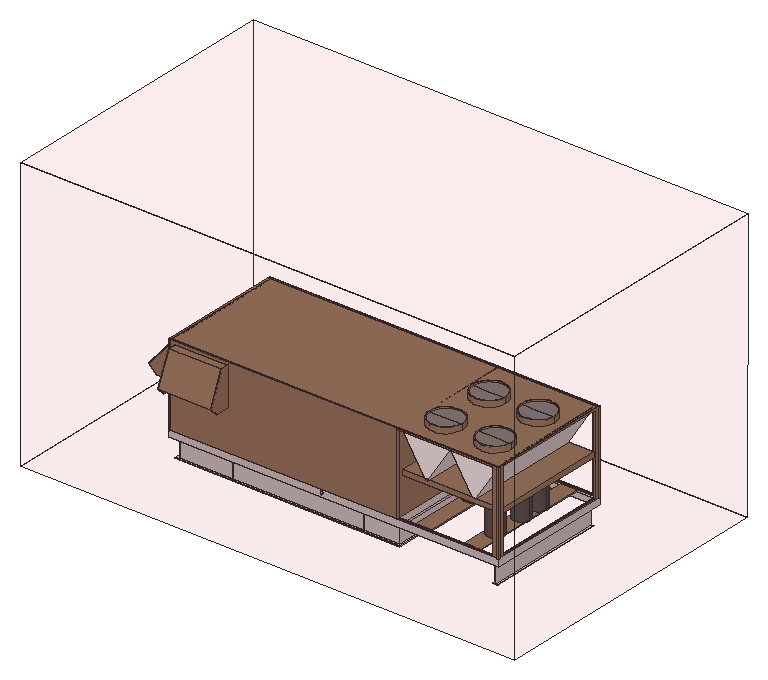
Revit family (continued)
Definition of nested family "Commercial_Comfort_Systems-Series_40-JCI-Unit_Cabinet-End_Return_Bottom_Supply-Steam_Heating"
  Forms (in)
    Extrusion 14, void
      sketch origin (0, 0, 0) x (1, 0, 0) y (0, 1, 0)
        loop
          circle (41.63781, -37.62) r 1
      from 0 to 4.625
  Cuts and joins
    Extrusion 10, Revolve 11, Revolve 13, Extrusion 14 cuts Extrusion 6
  Lines and regions (in)
    Masking region 1
      outline origin (0, 0, 0) x (1, 0, 0) y (0, 1, 0)
        loop
          line (-119.99969, 46) -> (-119.99969, -46) -> (120.00031, -46) -> (120.00031, 46) -> (-119.99969, 46)
    Masking region 2, detail levels medium+fine
      outline origin (0, -45, 0) x (-1, 0, 0) y (0, 0, 1)
        loop
          line (119.99969, 64) -> (-120.00031, 64) -> (-120.00031, 0) -> (119.99969, 0) -> (119.99969, 64)
        loop
          line (-46.18781, 4.625) -> (-46.18781, 63.5) -> (-115.50031, 63.5) -> (-115.50031, 4.625) -> (-46.18781, 4.625)
    Masking region 3, detail levels medium+fine
      outline origin (120.00031, 0, 0) x (0, -1, 0) y (0, 0, 1)
        loop
          line (42, 63.5) -> (-42, 63.5) -> (-42, 5.125) -> (42, 5.125) -> (42, 63.5)
        loop
          line (46, 64) -> (-46, 64) -> (-46, 0) -> (46, 0) -> (46, 64)
    Masking region 4
      outline origin (0.00031, 0, 0) x (0, 1, 0) y (0, 0, 1)
        loop
          line (46, 64) -> (-46, 64) -> (-46, 0) -> (46, 0) -> (46, 64)
    Masking region 5, detail levels coarse
      outline origin (0, 0, 0) x (1, 0, 0) y (0, 0, 1)
        loop
          line (-119.99969, 64) -> (-119.99969, 0) -> (120.00031, 0) -> (120.00031, 64) -> (-119.99969, 64)
    Masking region 6
      outline origin (0, 45, 0) x (-1, 0, 0) y (0, 0, 1)
        loop
          line (-120.00031, 64) -> (-120.00031, 0) -> (119.99969, 0) -> (119.99969, 64) -> (-120.00031, 64)
        loop
          line (-115.50031, 63.5) -> (-115.50031, 5.125) -> (-46.18781, 5.125) -> (-46.18781, 63.5) -> (-115.50031, 63.5)
    Masking region 7, detail levels medium+fine
      outline origin (-119.99969, 0, 0) x (0, -1, 0) y (0, 0, 1)
        loop
          line (-46, 64) -> (-46, 0) -> (46, 0) -> (46, 64) -> (-46, 64)
        loop
          line (-39.5, 62) -> (-39.5, 33.89844) -> (39.5, 33.89844) -> (39.5, 62) -> (-39.5, 62)
    Masking region 8
      outline origin (-119.99969, 0, 0) x (0, -1, 0) y (0, 0, 1)
        loop
          line (-38.1875, 31.14844) -> (-38.1875, 6.25) -> (38.1875, 6.25) -> (38.1875, 31.14844) -> (-38.1875, 31.14844)
    model lines, style "Frame Unit", detail levels coarse
      curve 1: line (-119.99969, 46, 4.625) -> (120.00031, 46, 4.625)
      curve 2: line (120.00031, 46, 4.625) -> (120.00031, -46, 4.625)
      curve 3: line (120.00031, -46, 4.625) -> (-119.99969, -46, 4.625)
      curve 4: line (-119.99969, 46, 4.625) -> (-119.99969, -46, 4.625)
      curve 5: line (-119.99969, 46, 64) -> (120.00031, 46, 64)
      curve 6: line (-119.99969, 46, 64) -> (-119.99969, -46, 64)
      curve 7: line (-119.99969, -46, 64) -> (120.00031, -46, 64)
      curve 8: line (120.00031, 46, 64) -> (120.00031, -46, 64)
      curve 9: line (-119.99969, 46, 64) -> (-119.99969, 46, 0)
      curve 10: line (120.00031, 46, 64) -> (120.00031, 46, 0)
      curve 11: line (-119.99969, -46, 64) -> (-119.99969, -46, 0)
      curve 12: line (120.00031, -46, 64) -> (120.00031, -46, 0)
      curve 13: line (46.18781, -46, 63.5) -> (115.50031, -46, 63.5)
      curve 14: line (46.18781, -46, 63.5) -> (46.18781, -46, 5.125)
      curve 15: line (46.18781, -46, 5.125) -> (115.50031, -46, 5.125)
      curve 16: line (115.50031, -46, 63.5) -> (115.50031, -46, 5.125)
      curve 17: line (46.18781, 46, 63.5) -> (115.50031, 46, 63.5)
      curve 18: line (115.50031, 46, 63.5) -> (115.50031, 46, 5.125)
      curve 19: line (115.50031, 46, 5.125) -> (46.18781, 46, 5.125)
      curve 20: line (46.18781, 46, 5.125) -> (46.18781, 46, 63.5)
      curve 21: line (120.00031, -42, 63.5) -> (120.00031, 42, 63.5)
      curve 22: line (120.00031, -42, 63.5) -> (120.00031, -42, 5.125)
      curve 23: line (120.00031, -42, 5.125) -> (120.00031, 42, 5.125)
      curve 24: line (120.00031, 42, 63.5) -> (120.00031, 42, 5.125)
      curve 25: line (18.18781, 41.5, 0) -> (44.18781, 41.5, 0)
      curve 26: line (18.18781, -30.10938, 0) -> (44.18781, -30.10938, 0)
      curve 27: line (44.18781, 41.5, 0) -> (44.18781, -30.10938, 0)
      curve 28: line (18.18781, -30.10938, 0) -> (18.18781, 41.5, 0)
      curve 29: line (46.18781, 44, 4.625) -> (117.50031, 44, 4.625)
      curve 30: line (117.50031, 44, 4.625) -> (117.50031, -44, 4.625)
      curve 31: line (117.50031, -44, 4.625) -> (46.18781, -44, 4.625)
      curve 32: line (46.18781, -44, 4.625) -> (46.18781, 44, 4.625)
      curve 33: line (-119.99969, 46, 0) -> (120.00031, 46, 0)
      curve 34: line (-119.99969, -46, 0) -> (-119.99969, 46, 0)
      curve 35: line (120.00031, -46, 0) -> (-119.99969, -46, 0)
      curve 36: line (120.00031, 46, 0) -> (120.00031, -46, 0)
      curve 39: line (-119.99969, 38.1875, 31.14844) -> (-119.99969, -38.1875, 31.14844)
      curve 40: line (-119.99969, 38.1875, 6.25) -> (-119.99969, -38.1875, 6.25)
      curve 41: line (-119.99969, 38.1875, 31.14844) -> (-119.99969, 38.1875, 6.25)
      curve 42: line (-119.99969, -38.1875, 31.14844) -> (-119.99969, -38.1875, 6.25)
    symbolic lines, style "Frame Unit", detail levels medium+fine
      curve 37: line (0.00031, -46, 4.625) -> (0.00031, 46, 4.625)
      curve 38: line (-119.99969, 46, 4.625) -> (120.00031, 46, 4.625)
    symbolic lines, style "Frame Unit", detail levels fine
      curve 43: line (46.18781, 0, 35.625) -> (115.50031, 0, 35.625)
      curve 44: line (46.18781, 0, 32) -> (115.50031, 0, 32)
      curve 45: line (120.00031, -42, 35.625) -> (120.00031, 42, 35.625)
      curve 46: line (120.00031, -42, 32) -> (120.00031, 42, 32)
  Dimensions and locks (in)
    "Length": plane 4 "Left of Unit" to plane 5 "Right of Unit"
    equal spacing: plane 7 "Back of Unit", plane 1 "Center (Front/Back)", plane 6 "Front of Unit"
    "Width": plane 7 "Back of Unit" to plane 6 "Front of Unit"
    "Height": plane 8 "Top of Unit" to plane 20 "Base Bottom"
    locked: plane 4 "Left of Unit" to plane 9 "Left Inset" at 1
    locked: plane 10 "Filters and Driers Right" to plane 5 "Right of Unit" at 4.5
    locked: plane 13 "Front Inset" to plane 6 "Front of Unit" at 1
    locked: plane 16 "Back Of Unit Inset" to plane 7 "Back of Unit" at 1
    locked: plane 17 "Inner Cabinette Wall" to plane 5 "Right of Unit" at 1
    equal spacing: plane 8 "Top of Unit", plane 19 "Center (Elevation)", plane 20 "Base Bottom"
    locked: plane 2 "Bottom of Unit" to plane 20 "Base Bottom" at 4.625
    locked: plane 21 "Open Right" to plane 5 "Right of Unit" at 2.5
    locked: plane 24 "Supply Air Back" to plane 7 "Back of Unit" at 4.5
    locked: plane 25 "Supply Air Front" to plane 24 "Supply Air Back" at 71.60938
    locked: plane 26 "Open Back" to plane 7 "Back of Unit" at 2
    locked: plane 27 "Open Front" to plane 6 "Front of Unit" at 2
    locked: plane 23 "Supply Air Left" to plane 22 "Supply Air Right" at 26
    locked: plane 7 "Back of Unit" to plane 30 "Fan Back" at 30.66667
    locked: plane 8 "Top of Unit" to plane 32 "Exhaust Air Bottom" at 30.10156
    locked: plane 34 "Compressor Acces Front" to plane 6 "Front of Unit" at 4
    locked: plane 35 "Compressor Access Back" to plane 7 "Back of Unit" at 4
    locked: plane 22 "Supply Air Right" to plane 5 "Right of Unit" at 75.8125
    locked: plane 36 "Condenser Base" to plane 19 "Center (Elevation)" at 3.625
    locked: plane 12 "Filters and Driers Left" to Extrusion 8 sketch curve at 1
    equal spacing: Extrusion 9 sketch curve, plane 28 "Right Condenser Fans", Extrusion 9 sketch curve
    locked: Extrusion 9 sketch curve to Extrusion 9 sketch curve at 12  (x2)
    locked: plane 4 "Left of Unit" to plane 37 "Rain Hood Left" at 4.5
    locked: plane 37 "Rain Hood Left" to plane 38 "Rain Hood Right" at 38.58984
    locked: plane 39 "Return Air Bottom" to plane 20 "Base Bottom" at 6.25
    locked: plane 18 "Bottom Inset" to plane 2 "Bottom of Unit" at 0.5
    locked: plane 8 "Top of Unit" to plane 11 "Top Inset" at 0.5
    locked: plane 8 "Top of Unit" to plane 40 "Economizer Top" at 2
    locked: plane 44 "Center of Conection Opening" to plane 20 "Base Bottom" at 3.0625
    locked: plane 45 "Electrical Connection L/R" to plane 5 "Right of Unit" at 128.5
    locked: plane 46 "Electrical Connectio F/B" to plane 6 "Front of Unit" at 6.46
    "Front Electric Connection Radius": Extrusion 10 sketch curve to plane 45 "Electrical Connection L/R"
    "Front Electric Connection Radius": plane 44 "Center of Conection Opening" to Extrusion 10 sketch curve
    "Electric Connection Radius": Revolve 11 sketch curve to Revolve 11 sketch curve
    equal spacing: plane 4 "Left of Unit", plane 3 "Center (Left/Right)", plane 5 "Right of Unit"
    equal spacing: plane 37 "Rain Hood Left", plane 31 "Center of Economizer L/R", plane 38 "Rain Hood Right"
    locked: plane 43 "Return Air Top" to plane 39 "Return Air Bottom" at 24.89844
    locked: plane 22 "Supply Air Right" to plane 12 "Filters and Driers Left" at 2
    plane 28 "Right Condenser Fans" to plane 5 "Right of Unit" = 20 15/32"
    locked: plane 30 "Fan Back" to plane 29 "Fan Front" at 39.31
    equal spacing: Extrusion 9 sketch curve, plane 33 "Left Condenser Fans", Extrusion 9 sketch curve
    locked: plane 33 "Left Condenser Fans" to plane 28 "Right Condenser Fans" at 35.42
    locked: plane 15 "Exhaust Air Back" to plane 7 "Back of Unit" at 6.5
    locked: plane 14 "Exhaust Air Front" to plane 6 "Front of Unit" at 6.5
    equal spacing: plane 41 "Return Air Front", plane 1 "Center (Front/Back)", plane 42 "Return Air Back"
    locked: plane 41 "Return Air Front" to plane 42 "Return Air Back" at 76.375
    locked: plane 23 "Supply Air Left" to plane 48 "Center L/R of Water Inlet" at 2.25
    locked: plane 49 "Water Inlet Center F/B" to plane 6 "Front of Unit" at 11.87891
    "Water Connection Radius": Revolve 13 sketch curve to Revolve 13 sketch curve
    locked: plane 23 "Supply Air Left" to plane 50 "Center L/R of Steam Pipe Inlet" at 9
    locked: plane 51 "Center F/B of Steam Pipe Inlet" to plane 6 "Front of Unit" at 8
    locked: plane 52 "Center L/R of Steam Pipe Outlet" to plane 22 "Supply Air Right" at 2.55
    locked: plane 53 "Center F/B of Steam Pipe Outlet" to plane 6 "Front of Unit" at 8.38
    "Water Connection Radius": plane 50 "Center L/R of Steam Pipe Inlet" to Extrusion 14 sketch curve
    "Water Connection Radius": Extrusion 14 sketch curve to plane 52 "Center L/R of Steam Pipe Outlet"
    "Water Connection Radius": plane 51 "Center F/B of Steam Pipe Inlet" to Extrusion 14 sketch curve
    "Water Connection Radius": Extrusion 14 sketch curve to plane 53 "Center F/B of Steam Pipe Outlet"
    "Front Electric Connection Radius": radius of Extrusion 10 sketch curve
    "Water Connection Radius": radius of Extrusion 14 sketch curve  (x2)
    aligned and locked: plane 12 "Filters and Driers Left" to Extrusion 1 sketch curve
    aligned and locked: Extrusion 1 sketch curve to plane 10 "Filters and Driers Right"
    aligned and locked: Extrusion 1 sketch curve to plane 11 "Top Inset"
    aligned and locked: Extrusion 1 sketch curve to plane 8 "Top of Unit"
    aligned and locked: Extrusion 1 sketch curve to plane 5 "Right of Unit"
    aligned and locked: plane 2 "Bottom of Unit" to Extrusion 1 sketch curve
    aligned and locked: Extrusion 1 sketch curve to plane 4 "Left of Unit"
    aligned and locked: Extrusion 1 to plane 6 "Front of Unit"
    aligned and locked: plane 13 "Front Inset" to Extrusion 1
    aligned and locked: Extrusion 2 sketch curve to plane 8 "Top of Unit"
    aligned and locked: Extrusion 2 sketch curve to plane 11 "Top Inset"
    aligned and locked: plane 6 "Front of Unit" to Extrusion 2 sketch curve
    aligned and locked: plane 2 "Bottom of Unit" to Extrusion 2 sketch curve
    aligned and locked: plane 7 "Back of Unit" to Extrusion 2 sketch curve
    aligned and locked: plane 5 "Right of Unit" to Extrusion 2
    aligned and locked: Extrusion 2 to plane 17 "Inner Cabinette Wall"
    aligned and locked: Extrusion 3 sketch curve to plane 5 "Right of Unit"
    aligned and locked: Extrusion 3 sketch curve to plane 10 "Filters and Driers Right"
    aligned and locked: Extrusion 3 sketch curve to plane 8 "Top of Unit"
    aligned and locked: Extrusion 3 sketch curve to plane 11 "Top Inset"
    aligned and locked: plane 12 "Filters and Driers Left" to Extrusion 3 sketch curve
    aligned and locked: plane 2 "Bottom of Unit" to Extrusion 3 sketch curve
    aligned and locked: Extrusion 3 sketch curve to plane 4 "Left of Unit"
    aligned and locked: Extrusion 3 to plane 7 "Back of Unit"
    aligned and locked: plane 16 "Back Of Unit Inset" to Extrusion 3
    aligned and locked: Extrusion 4 sketch curve to plane 8 "Top of Unit"
    aligned and locked: plane 14 "Exhaust Air Front" to Extrusion 4 sketch curve
    aligned and locked: plane 15 "Exhaust Air Back" to Extrusion 4 sketch curve
    aligned and locked: plane 7 "Back of Unit" to Extrusion 4 sketch curve
    aligned and locked: plane 6 "Front of Unit" to Extrusion 4 sketch curve
    aligned and locked: plane 2 "Bottom of Unit" to Extrusion 4 sketch curve
    aligned and locked: plane 4 "Left of Unit" to Extrusion 4
    aligned and locked: Extrusion 4 to plane 9 "Left Inset"
    aligned and locked: plane 16 "Back Of Unit Inset" to Extrusion 5 sketch curve
    aligned and locked: Extrusion 5 sketch curve to plane 17 "Inner Cabinette Wall"
    aligned and locked: Extrusion 5 sketch curve to plane 9 "Left Inset"
    aligned and locked: plane 13 "Front Inset" to Extrusion 5 sketch curve
    aligned and locked: plane 8 "Top of Unit" to Extrusion 5
    aligned and locked: plane 20 "Base Bottom" to level
    aligned and locked: plane 24 "Supply Air Back" to Extrusion 6 sketch curve
    aligned and locked: Extrusion 6 sketch curve to plane 23 "Supply Air Left"
    aligned and locked: Extrusion 6 sketch curve to plane 22 "Supply Air Right"
    aligned and locked: Extrusion 6 sketch curve to plane 25 "Supply Air Front"
    aligned and locked: Extrusion 6 sketch curve to plane 21 "Open Right"
    aligned and locked: plane 12 "Filters and Driers Left" to Extrusion 6 sketch curve
    aligned and locked: plane 7 "Back of Unit" to Extrusion 6 sketch curve
    aligned and locked: Extrusion 6 sketch curve to plane 5 "Right of Unit"
    aligned and locked: plane 6 "Front of Unit" to Extrusion 6 sketch curve
    aligned and locked: Extrusion 6 sketch curve to plane 4 "Left of Unit"
    aligned and locked: Extrusion 6 to plane 20 "Base Bottom"
    aligned and locked: plane 2 "Bottom of Unit" to Extrusion 6
    aligned and locked: plane 26 "Open Back" to Extrusion 6 sketch curve
    aligned and locked: plane 27 "Open Front" to Extrusion 6 sketch curve
    aligned and locked: plane 7 "Back of Unit" to Masking region 1 sketch curve
    aligned and locked: Masking region 1 sketch curve to plane 4 "Left of Unit"
    aligned and locked: Masking region 1 sketch curve to plane 5 "Right of Unit"
    aligned and locked: plane 6 "Front of Unit" to Masking region 1 sketch curve
    aligned and locked: plane 7 "Back of Unit" to curve 2
    aligned and locked: plane 6 "Front of Unit" to curve 2
    aligned and locked: curve 2 to plane 5 "Right of Unit"
    aligned and locked: plane 6 "Front of Unit" to curve 4
    aligned and locked: plane 4 "Left of Unit" to curve 3
    aligned and locked: plane 5 "Right of Unit" to curve 3
    aligned and locked: plane 5 "Right of Unit" to curve 1
    aligned and locked: plane 7 "Back of Unit" to curve 4
    aligned and locked: plane 4 "Left of Unit" to curve 6
    aligned and locked: plane 4 "Left of Unit" to curve 7
    aligned and locked: plane 5 "Right of Unit" to curve 7
    aligned and locked: curve 7 to plane 6 "Front of Unit"
    aligned and locked: plane 6 "Front of Unit" to curve 8
    aligned and locked: plane 4 "Left of Unit" to curve 5
    aligned and locked: plane 5 "Right of Unit" to curve 5
    aligned and locked: plane 7 "Back of Unit" to curve 8
    aligned and locked: plane 6 "Front of Unit" to curve 6
    aligned and locked: plane 8 "Top of Unit" to curve 9
    aligned and locked: plane 20 "Base Bottom" to curve 9
    aligned and locked: plane 20 "Base Bottom" to curve 11
    aligned and locked: plane 8 "Top of Unit" to curve 11
    aligned and locked: plane 4 "Left of Unit" to curve 9
    aligned and locked: plane 4 "Left of Unit" to curve 11
    aligned and locked: plane 20 "Base Bottom" to curve 10
    aligned and locked: plane 20 "Base Bottom" to curve 12
    aligned and locked: plane 8 "Top of Unit" to curve 10
    aligned and locked: plane 8 "Top of Unit" to curve 12
    aligned and locked: curve 10 to plane 5 "Right of Unit"
    aligned and locked: curve 12 to plane 5 "Right of Unit"
    aligned and locked: plane 11 "Top Inset" to curve 16
    aligned and locked: plane 10 "Filters and Driers Right" to curve 13
    aligned and locked: plane 10 "Filters and Driers Right" to curve 15
    aligned and locked: plane 11 "Top Inset" to curve 14
    aligned and locked: plane 12 "Filters and Driers Left" to curve 15
    aligned and locked: plane 12 "Filters and Driers Left" to curve 13
    aligned and locked: curve 15 to curve 16
    aligned and locked: plane 12 "Filters and Driers Left" to curve 17
    aligned and locked: plane 11 "Top Inset" to curve 18
    aligned and locked: curve 17 to plane 11 "Top Inset"
    aligned and locked: plane 10 "Filters and Driers Right" to curve 19
    aligned and locked: plane 12 "Filters and Driers Left" to curve 19
    aligned and locked: plane 11 "Top Inset" to curve 20
    aligned and locked: plane 10 "Filters and Driers Right" to curve 17
    aligned and locked: plane 11 "Top Inset" to curve 22
    aligned and locked: plane 11 "Top Inset" to curve 24
    aligned and locked: plane 26 "Open Back" to curve 30
    aligned and locked: plane 26 "Open Back" to curve 29
    aligned and locked: plane 21 "Open Right" to curve 31
    aligned and locked: plane 12 "Filters and Driers Left" to curve 31
    aligned and locked: plane 27 "Open Front" to curve 31
    aligned and locked: plane 27 "Open Front" to curve 32
    aligned and locked: plane 27 "Open Front" to curve 30
    aligned and locked: plane 21 "Open Right" to curve 29
    aligned and locked: plane 26 "Open Back" to curve 32
    aligned and locked: curve 32 to curve 29
    aligned and locked: plane 22 "Supply Air Right" to curve 25
    aligned and locked: plane 24 "Supply Air Back" to curve 28
    aligned and locked: plane 7 "Back of Unit" to curve 36
    aligned and locked: plane 5 "Right of Unit" to curve 35
    aligned and locked: curve 36 to plane 5 "Right of Unit"
    aligned and locked: plane 6 "Front of Unit" to curve 35
    aligned and locked: plane 6 "Front of Unit" to curve 34
    aligned and locked: plane 7 "Back of Unit" to curve 34
    aligned and locked: curve 34 to plane 4 "Left of Unit"
    aligned and locked: plane 4 "Left of Unit" to curve 33
    aligned and locked: plane 8 "Top of Unit" to Masking region 2 sketch curve
    aligned and locked: plane 5 "Right of Unit" to Masking region 2 sketch curve
    aligned and locked: plane 4 "Left of Unit" to Masking region 2 sketch curve
    aligned and locked: plane 7 "Back of Unit" to curve 37
    aligned and locked: plane 6 "Front of Unit" to curve 37
    aligned and locked: curve 37 to plane 2 "Bottom of Unit"
    aligned and locked: Masking region 2 sketch curve to plane 20 "Base Bottom"
    aligned and locked: plane 5 "Right of Unit" to curve 38
    aligned and locked: plane 4 "Left of Unit" to curve 38
    aligned and locked: curve 38 to plane 2 "Bottom of Unit"
    aligned and locked: plane 18 "Bottom Inset" to Extrusion 3
    aligned and locked: plane 18 "Bottom Inset" to curve 19
    aligned and locked: plane 18 "Bottom Inset" to Extrusion 2
    aligned and locked: curve 23 to plane 18 "Bottom Inset"
    aligned and locked: plane 35 "Compressor Access Back" to Extrusion 2 sketch curve
    aligned and locked: plane 34 "Compressor Acces Front" to Extrusion 2 sketch curve
    aligned and locked: plane 32 "Exhaust Air Bottom" to Extrusion 1 sketch curve
    aligned and locked: plane 32 "Exhaust Air Bottom" to Extrusion 3 sketch curve
    aligned and locked: plane 32 "Exhaust Air Bottom" to Extrusion 4 sketch curve
    aligned and locked: plane 12 "Filters and Driers Left" to Extrusion 7 sketch curve
    aligned and locked: plane 19 "Center (Elevation)" to Extrusion 7 sketch curve
    aligned and locked: Extrusion 7 sketch curve to plane 36 "Condenser Base"
    aligned and locked: Extrusion 8 sketch curve to plane 12 "Filters and Driers Left"
    aligned and locked: Extrusion 8 sketch curve to plane 11 "Top Inset"
    aligned and locked: plane 18 "Bottom Inset" to Extrusion 8 sketch curve
    aligned and locked: Extrusion 8 to plane 16 "Back Of Unit Inset"
    aligned and locked: Extrusion 8 to plane 13 "Front Inset"
    aligned and locked: plane 27 "Open Front" to Extrusion 9 sketch curve  (x2)
    aligned and locked: plane 26 "Open Back" to Extrusion 9 sketch curve  (x2)
    aligned and locked: Extrusion 9 to plane 2 "Bottom of Unit"
    aligned and locked: plane 18 "Bottom Inset" to Extrusion 9
    aligned and locked: plane 2 "Bottom of Unit" to Masking region 2 sketch curve
    aligned and locked: plane 12 "Filters and Driers Left" to Masking region 2 sketch curve
    aligned and locked: plane 35 "Compressor Access Back" to curve 21
    aligned and locked: plane 35 "Compressor Access Back" to curve 23
    aligned and locked: plane 34 "Compressor Acces Front" to curve 21
    aligned and locked: plane 34 "Compressor Acces Front" to curve 23
    aligned and locked: plane 18 "Bottom Inset" to curve 24
    aligned and locked: plane 18 "Bottom Inset" to curve 22
    aligned and locked: curve 15 to curve 19
    aligned and locked: curve 13 to curve 17
    aligned and locked: plane 18 "Bottom Inset" to curve 14
    aligned and locked: plane 4 "Left of Unit" to curve 35
    aligned and locked: plane 5 "Right of Unit" to curve 33
    aligned and locked: plane 6 "Front of Unit" to curve 36
    aligned and locked: curve 30 to curve 31
    aligned and locked: plane 7 "Back of Unit" to curve 6
    aligned and locked: plane 34 "Compressor Acces Front" to Masking region 3 sketch curve
    aligned and locked: plane 18 "Bottom Inset" to Masking region 3 sketch curve
    aligned and locked: plane 35 "Compressor Access Back" to Masking region 3 sketch curve
    aligned and locked: Extrusion 1 sketch curve to plane 40 "Economizer Top"
    aligned and locked: Extrusion 3 sketch curve to plane 40 "Economizer Top"
    aligned and locked: Extrusion 5 to plane 11 "Top Inset"
    aligned and locked: plane 40 "Economizer Top" to Extrusion 4 sketch curve
    aligned and locked: Masking region 4 sketch curve to plane 8 "Top of Unit"
    aligned and locked: plane 7 "Back of Unit" to Masking region 4 sketch curve
    aligned and locked: plane 6 "Front of Unit" to Masking region 4 sketch curve
    aligned and locked: plane 20 "Base Bottom" to Masking region 4 sketch curve
    aligned and locked: Extrusion 4 sketch curve to plane 43 "Return Air Top"
    aligned and locked: Extrusion 4 sketch curve to plane 41 "Return Air Front"
    aligned and locked: plane 39 "Return Air Bottom" to Extrusion 4 sketch curve
    aligned and locked: Extrusion 4 sketch curve to plane 42 "Return Air Back"
    aligned and locked: plane 20 "Base Bottom" to Masking region 5 sketch curve
    aligned and locked: Masking region 5 sketch curve to plane 4 "Left of Unit"
    aligned and locked: Masking region 5 sketch curve to plane 5 "Right of Unit"
    aligned and locked: Masking region 5 sketch curve to plane 8 "Top of Unit"
    aligned and locked: Extrusion 10 to plane 6 "Front of Unit"
    aligned and locked: Revolve 11 sketch curve to plane 45 "Electrical Connection L/R"
    aligned and locked: Revolve 11 sketch curve to Revolve 11 sketch curve
    aligned and locked: plane 20 "Base Bottom" to Revolve 11 sketch curve
    aligned and locked: Revolve 11 sketch curve to plane 18 "Bottom Inset"
    aligned and locked: plane 11 "Top Inset" to Masking region 2 sketch curve
    aligned and locked: Masking region 6 to plane 11 "Top Inset"
    aligned and locked: plane 8 "Top of Unit" to Masking region 6
    aligned and locked: Masking region 6 to plane 10 "Filters and Driers Right"
    aligned and locked: plane 12 "Filters and Driers Left" to Masking region 6
    aligned and locked: plane 18 "Bottom Inset" to Masking region 6
    aligned and locked: plane 5 "Right of Unit" to Masking region 6 sketch curve
    aligned and locked: Masking region 6 sketch curve to plane 20 "Base Bottom"
    aligned and locked: plane 4 "Left of Unit" to Masking region 6 sketch curve
    aligned and locked: Extrusion 7 to plane 34 "Compressor Acces Front"
    aligned and locked: Extrusion 7 to plane 35 "Compressor Access Back"
    aligned and locked: Masking region 3 sketch curve to plane 11 "Top Inset"
    aligned and locked: Extrusion 1 sketch curve to plane 37 "Rain Hood Left"
    aligned and locked: plane 38 "Rain Hood Right" to Extrusion 1 sketch curve
    aligned and locked: plane 38 "Rain Hood Right" to Extrusion 3 sketch curve
    aligned and locked: Extrusion 3 sketch curve to plane 37 "Rain Hood Left"
    aligned and locked: plane 43 "Return Air Top" to curve 42
    aligned and locked: plane 39 "Return Air Bottom" to curve 42
    aligned and locked: plane 41 "Return Air Front" to curve 39
    aligned and locked: plane 41 "Return Air Front" to curve 40
    aligned and locked: plane 42 "Return Air Back" to curve 39
    aligned and locked: curve 40 to plane 39 "Return Air Bottom"
    aligned and locked: curve 39 to plane 43 "Return Air Top"
    aligned and locked: plane 39 "Return Air Bottom" to curve 41
    aligned and locked: plane 43 "Return Air Top" to curve 41
    aligned and locked: curve 41 to curve 40
    aligned and locked: plane 22 "Supply Air Right" to curve 26
    aligned and locked: plane 25 "Supply Air Front" to curve 27
    aligned and locked: plane 25 "Supply Air Front" to curve 28
    aligned and locked: plane 23 "Supply Air Left" to curve 26
    aligned and locked: plane 24 "Supply Air Back" to curve 27
    aligned and locked: plane 23 "Supply Air Left" to curve 25
    aligned and locked: plane 12 "Filters and Driers Left" to Extrusion 12 sketch curve  (x2)
    aligned and locked: Extrusion 12 sketch curve to plane 10 "Filters and Driers Right"  (x2)
    aligned and locked: Extrusion 12 sketch curve to plane 13 "Front Inset"
    aligned and locked: plane 6 "Front of Unit" to Extrusion 12 sketch curve
    aligned and locked: plane 34 "Compressor Acces Front" to Extrusion 12 sketch curve
    aligned and locked: plane 17 "Inner Cabinette Wall" to Extrusion 12 sketch curve
    aligned and locked: Extrusion 12 sketch curve to plane 5 "Right of Unit"
    aligned and locked: plane 35 "Compressor Access Back" to Extrusion 12 sketch curve
    aligned and locked: plane 7 "Back of Unit" to Extrusion 12 sketch curve
    aligned and locked: Extrusion 12 sketch curve to plane 16 "Back Of Unit Inset"
    aligned and locked: Extrusion 12 to plane 18 "Bottom Inset"
    aligned and locked: plane 11 "Top Inset" to Extrusion 12
    aligned and locked: Extrusion 7 sketch curve to plane 17 "Inner Cabinette Wall"
    aligned and locked: plane 6 "Front of Unit" to Masking region 3 sketch curve
    aligned and locked: Masking region 3 sketch curve to plane 8 "Top of Unit"
    aligned and locked: plane 7 "Back of Unit" to Masking region 3 sketch curve
    aligned and locked: plane 20 "Base Bottom" to Masking region 3 sketch curve
    aligned and locked: Masking region 7 sketch curve to plane 8 "Top of Unit"
    aligned and locked: plane 6 "Front of Unit" to Masking region 7 sketch curve
    aligned and locked: Masking region 7 sketch curve to plane 40 "Economizer Top"
    aligned and locked: plane 14 "Exhaust Air Front" to Masking region 7 sketch curve
    aligned and locked: plane 15 "Exhaust Air Back" to Masking region 7 sketch curve
    aligned and locked: plane 7 "Back of Unit" to Masking region 7 sketch curve
    aligned and locked: plane 32 "Exhaust Air Bottom" to Masking region 7 sketch curve
    aligned and locked: plane 20 "Base Bottom" to Masking region 7 sketch curve
    aligned and locked: Revolve 13 sketch curve to Revolve 13 sketch curve
    aligned and locked: plane 20 "Base Bottom" to Revolve 13 sketch curve
    aligned and locked: Revolve 13 sketch curve to plane 48 "Center L/R of Water Inlet"
    aligned and locked: Extrusion 14 to plane 20 "Base Bottom"
    aligned and locked: plane 2 "Bottom of Unit" to Extrusion 14
    aligned and locked: Revolve 13 sketch curve to plane 2 "Bottom of Unit"
    aligned and locked: plane 10 "Filters and Driers Right" to curve 44
    aligned and locked: plane 10 "Filters and Driers Right" to curve 43
    aligned and locked: plane 12 "Filters and Driers Left" to curve 44
    aligned and locked: plane 12 "Filters and Driers Left" to curve 43
    aligned and locked: curve 44 to plane 19 "Center (Elevation)"
    aligned and locked: curve 43 to plane 36 "Condenser Base"
    aligned and locked: plane 35 "Compressor Access Back" to curve 46
    aligned and locked: plane 35 "Compressor Access Back" to curve 45
    aligned and locked: plane 34 "Compressor Acces Front" to curve 46
    aligned and locked: plane 34 "Compressor Acces Front" to curve 45
    aligned and locked: curve 45 to plane 36 "Condenser Base"
    aligned and locked: curve 46 to plane 19 "Center (Elevation)"
    aligned and locked: Masking region 8 sketch curve to plane 43 "Return Air Top"
    aligned and locked: plane 39 "Return Air Bottom" to Masking region 8 sketch curve
    aligned and locked: Masking region 8 sketch curve to plane 41 "Return Air Front"
    aligned and locked: Masking region 8 sketch curve to plane 42 "Return Air Back"
  Automatic sketch dimensions
    Extrusion 1 sketch curve to plane 18 "Bottom Inset" = 0"
    Extrusion 2 sketch curve to plane 18 "Bottom Inset" = 0"
    Extrusion 3 sketch curve to plane 18 "Bottom Inset" = 0"
    curve 5 to plane 7 "Back of Unit" = 0"
    curve 14 to plane 12 "Filters and Driers Left" = 0"
    Masking region 2 sketch curve to plane 10 "Filters and Driers Right" = 0"
    Revolve 11 sketch curve to level = 241.30534"
    plane 8 "Top of Unit" to Revolve 11 sketch curve = 282.03032"
    Masking region 6 sketch curve to plane 10 "Filters and Driers Right" = 0"
    Masking region 6 sketch curve to plane 11 "Top Inset" = 0"
    Masking region 6 sketch curve to plane 12 "Filters and Driers Left" = 0"
    Masking region 6 sketch curve to plane 18 "Bottom Inset" = 0"
    Masking region 6 sketch curve to plane 8 "Top of Unit" = 0"
    Revolve 13 sketch curve to level = 241.30534"
    plane 8 "Top of Unit" to Revolve 13 sketch curve = 282.03032"
Definition of nested family "Include Clearance"
  Parameters (values of type "Include Clearance")
    Width = 36"
    Height = 36"
    Depth = 36"
    Clearance Top = 6"
    Clearance Right = 6"
    Clearance Material = Clearance
    Clearance Left = 6"
    Clearance Front = 6"
    Clearance Bottom = 6"
    Clearance Back = 6"
    Assembly Code = ""
  Reference planes (in)
    plane 1 "Center (Front/Back)": y = 0
    plane 2 "Bottom": z = 0
    plane 3 "Center (Left/Right)": x = 0
    plane 4 "Clearance Front": y = -24
    plane 5 "Top": z = 36
    plane 6 "Back": y = 18
    plane 7 "Left": x = -18
    plane 8 "Front": y = -18
    plane 9 "Right": x = 18
    plane 10 "Clearance Back": y = 24
    plane 11 "Clearance Left": x = -24
    plane 12 "Clearance Right": x = 24
    plane 13 "Clearance Top": z = 42
    plane 14 "Clearance Bottom": z = -6
  Forms (in)
    Extrusion 1, solid, material "Clearance" <- "Clearance Material"
      sketch origin (0, 0, 36) x (-1, 0, 0) y (0, -1, 0)
        loop
          line (24, -24) -> (24, 24) -> (-24, 24) -> (-24, -24) -> (24, -24)
      from -42 to 6
  Lines and regions (in)
    symbolic lines, style "Clearance"
      curve 1: line (-24, 24, 36) -> (24, 24, 36)
      curve 2: line (-24, -24, 36) -> (-24, 24, 36)
      curve 3: line (24, -24, 36) -> (-24, -24, 36)
      curve 4: line (24, 24, 36) -> (24, -24, 36)
      curve 5: line (-24, 0, 42) -> (24, 0, 42)
      curve 6: line (-24, 0, -6) -> (-24, 0, 42)
      curve 7: line (24, 0, -6) -> (-24, 0, -6)
      curve 8: line (24, 0, 42) -> (24, 0, -6)
      curve 9: line (0, -24, 42) -> (0, 24, 42)
      curve 10: line (0, -24, -6) -> (0, -24, 42)
      curve 11: line (0, 24, -6) -> (0, -24, -6)
      curve 12: line (0, 24, 42) -> (0, 24, -6)
  Dimensions and locks (in)
    "Height": plane 5 "Top" to plane 2 "Bottom"
    "Depth": plane 6 "Back" to plane 8 "Front"
    "Width": plane 7 "Left" to plane 9 "Right"
    equal spacing: plane 7 "Left", plane 3 "Center (Left/Right)", plane 9 "Right"
    equal spacing: plane 6 "Back", plane 1 "Center (Front/Back)", plane 8 "Front"
    "Clearance Bottom": plane 2 "Bottom" to plane 14 "Clearance Bottom"
    "Clearance Top": plane 13 "Clearance Top" to plane 5 "Top"
    "Clearance Left": plane 11 "Clearance Left" to plane 7 "Left"
    "Clearance Right": plane 9 "Right" to plane 12 "Clearance Right"
    "Clearance Back": plane 10 "Clearance Back" to plane 6 "Back"
    "Clearance Front": plane 4 "Clearance Front" to plane 8 "Front"
    aligned and locked: level to plane 2 "Bottom"
    aligned and locked: Extrusion 1 sketch curve to plane 10 "Clearance Back"
    aligned and locked: Extrusion 1 sketch curve to plane 11 "Clearance Left"
    aligned and locked: Extrusion 1 sketch curve to plane 12 "Clearance Right"
    aligned and locked: Extrusion 1 sketch curve to plane 4 "Clearance Front"
    aligned and locked: plane 14 "Clearance Bottom" to Extrusion 1
    aligned and locked: plane 13 "Clearance Top" to Extrusion 1
    aligned and locked: curve 1 to plane 10 "Clearance Back"
    aligned and locked: curve 2 to plane 11 "Clearance Left"
    aligned and locked: curve 4 to plane 12 "Clearance Right"
    aligned and locked: curve 3 to plane 4 "Clearance Front"
    aligned and locked: curve 5 to plane 13 "Clearance Top"
    aligned and locked: curve 6 to plane 11 "Clearance Left"
    aligned and locked: curve 7 to plane 14 "Clearance Bottom"
    aligned and locked: curve 8 to plane 12 "Clearance Right"
    aligned and locked: curve 9 to plane 13 "Clearance Top"
    aligned and locked: curve 11 to plane 14 "Clearance Bottom"
    aligned and locked: curve 12 to plane 10 "Clearance Back"
    aligned and locked: curve 10 to plane 4 "Clearance Front"
Definition of nested family "Commercial_Comfort_Systems-Series_40-JCI-Exhaust_Standard"
  Parameters (values of type "Exhaust")
    Width = 79"  # constant formula
    Material = Paint - JCI - Powder Coated - Champagne
    Height = 29 3/32"
    Depth = 19 77/128"  # constant formula
    Assembly Code = ""
  Reference planes (in)
    plane 1 "Back": y = 0
    plane 2 "Bottom": z = 0
    plane 3 "Center (Left/Right)": x = 0
    plane 4 "Front": y = -19.60156
    plane 5 "Top": z = 29.09375
    plane 6 "Center F/B": y = -13.67156
    plane 7 "Bottom Inset": z = 6
    plane 8 "Right": x = 39.5
    plane 9 "Left": x = -39.5
    plane 10 "Left Inset": x = -39.375
    plane 11 "Right Inset": x = 39.375
    plane 12 "Top Inset": z = 28.90625
    plane 13 "Front Inset": y = -19.35156
    plane 14 "Center (Elevation)": z = 14.54687
  Forms (in)
    Extrusion 1, solid, material "Paint - JCI - Powder Coated - Champagne" <- "Material", detail levels fine
      sketch origin (0, 0, 0) x (0, 1, 0) y (0, 0, 1)
        loop
          line (0, 29.09375) -> (-19.60156, 6) -> (-13.67156, 0) -> (0, 0) -> (0, 29.09375)
      from 39.375 to 39.5
    Extrusion 2, solid, material "Paint - JCI - Powder Coated - Champagne" <- "Material", detail levels fine
      sketch origin (0, 0, 0) x (0, 1, 0) y (0, 0, 1)
        loop
          line (0, 29.09375) -> (-19.60156, 6) -> (-13.67156, 0) -> (0, 0) -> (0, 29.09375)
      from -39.5 to -39.375
    Extrusion 3, solid, material "Paint - JCI - Powder Coated - Champagne" <- "Material", detail levels fine
      sketch origin (0, 0, 0) x (0, 1, 0) y (0, 0, 1)
        loop
          line (0, 29.09375) -> (-19.60156, 6) -> (-19.35156, 6) -> (0, 28.90625) -> (0, 29.09375)
      from -39.375 to 39.375
  Lines and regions (in)
    Masking region 1, detail levels medium+fine
      outline origin (0, 0, 0) x (0, 1, 0) y (0, 0, 1)
        loop
          line (0, 29.09375) -> (-19.60156, 6) -> (-13.67156, 0) -> (0, 0) -> (0, 29.09375)
    Masking region 2, detail levels fine
      outline origin (0, -13.67156, 0) x (0, 0, -1) y (1, 0, 0)
        loop
          line (-29.09375, -39.5) -> (0, -39.5) -> (0, 39.5) -> (-29.09375, 39.5) -> (-29.09375, -39.5)
    Masking region 3, detail levels fine
      outline origin (0, 0, 0) x (1, 0, 0) y (0, 1, 0)
        loop
          line (-39.5, 0) -> (-39.5, -19.60156) -> (39.5, -19.60156) -> (39.5, 0) -> (-39.5, 0)
    symbolic lines, style "Rain Hood", detail levels fine
      curve 1: line (-39.5, 0, 6) -> (39.5, 0, 6)
      curve 2: line (-39.5, -13.67156, 0) -> (39.5, -13.67156, 0)
    model lines, detail levels medium
      curve 3: line (39.5, 0, 29.09375) -> (39.5, 0, 0)
      curve 4: line (39.5, 0, 29.09375) -> (39.5, -19.60156, 6)
      curve 5: line (39.5, -13.67156, 0) -> (39.5, 0, 0)
      curve 6: line (-39.5, 0, 29.09375) -> (-39.5, 0, 0)
      curve 7: line (-39.5, 0, 0) -> (-39.5, -13.67156, 0)
      curve 8: line (-39.5, 0, 29.09375) -> (-39.5, -19.60156, 6)
      curve 9: line (-39.5, -13.67156, 0) -> (-39.5, -19.60156, 6)
      curve 10: line (39.5, -19.60156, 6) -> (39.5, -13.67156, 0)
    model lines, style "Rain Hood", detail levels medium
      curve 11: line (-39.5, 0, 29.09375) -> (39.5, 0, 29.09375)
      curve 12: line (-39.5, 0, 0) -> (39.5, 0, 0)
      curve 13: line (-39.5, -19.60156, 6) -> (39.5, -19.60156, 6)
  Dimensions and locks (in)
    "Depth": plane 4 "Front" to plane 1 "Back"
    "Height": plane 5 "Top" to plane 2 "Bottom"
    locked: plane 4 "Front" to plane 6 "Center F/B" at 5.93
    locked: plane 7 "Bottom Inset" to plane 2 "Bottom" at 6
    locked: plane 11 "Right Inset" to plane 8 "Right" at 0.125
    locked: plane 10 "Left Inset" to plane 9 "Left" at 0.125
    "Width": plane 8 "Right" to plane 9 "Left"
    equal spacing: plane 8 "Right", plane 3 "Center (Left/Right)", plane 9 "Left"
    locked: plane 5 "Top" to plane 12 "Top Inset" at 0.1875
    locked: plane 4 "Front" to plane 13 "Front Inset" at 0.25
    equal spacing: plane 5 "Top", plane 14 "Center (Elevation)", plane 2 "Bottom"
    aligned and locked: level to plane 2 "Bottom"
    aligned and locked: plane 4 "Front" to Extrusion 1 sketch curve
    aligned and locked: plane 7 "Bottom Inset" to Extrusion 1 sketch curve
    aligned and locked: plane 6 "Center F/B" to Extrusion 1 sketch curve
    aligned and locked: Extrusion 1 sketch curve to plane 2 "Bottom"
    aligned and locked: Extrusion 1 sketch curve to plane 1 "Back"
    aligned and locked: plane 5 "Top" to Extrusion 1 sketch curve
    aligned and locked: Extrusion 1 to plane 8 "Right"
    aligned and locked: plane 11 "Right Inset" to Extrusion 1
    aligned and locked: plane 2 "Bottom" to Extrusion 2 sketch curve
    aligned and locked: plane 6 "Center F/B" to Extrusion 2 sketch curve
    aligned and locked: plane 7 "Bottom Inset" to Extrusion 2 sketch curve
    aligned and locked: plane 4 "Front" to Extrusion 2 sketch curve
    aligned and locked: Extrusion 2 sketch curve to plane 1 "Back"
    aligned and locked: Extrusion 2 sketch curve to plane 2 "Bottom"
    aligned and locked: plane 10 "Left Inset" to Extrusion 2
    aligned and locked: Extrusion 2 to plane 9 "Left"
    aligned and locked: plane 7 "Bottom Inset" to Extrusion 3 sketch curve
    aligned and locked: plane 4 "Front" to Extrusion 3 sketch curve
    aligned and locked: plane 13 "Front Inset" to Extrusion 3 sketch curve
    aligned and locked: Extrusion 3 sketch curve to plane 7 "Bottom Inset"
    aligned and locked: Extrusion 3 to plane 11 "Right Inset"
    aligned and locked: Extrusion 3 to plane 10 "Left Inset"
    aligned and locked: plane 7 "Bottom Inset" to Masking region 1 sketch curve
    aligned and locked: plane 4 "Front" to Masking region 1 sketch curve
    aligned and locked: plane 6 "Center F/B" to Masking region 1 sketch curve
    aligned and locked: plane 2 "Bottom" to Masking region 1 sketch curve
    aligned and locked: Masking region 2 sketch curve to plane 5 "Top"
    aligned and locked: plane 9 "Left" to Masking region 2 sketch curve
    aligned and locked: plane 2 "Bottom" to Masking region 2 sketch curve
    aligned and locked: plane 8 "Right" to Masking region 2 sketch curve
    aligned and locked: curve 1 to plane 7 "Bottom Inset"
    aligned and locked: plane 9 "Left" to curve 1
    aligned and locked: plane 8 "Right" to curve 1
    aligned and locked: Masking region 3 sketch curve to plane 4 "Front"
    aligned and locked: plane 8 "Right" to Masking region 3 sketch curve
    aligned and locked: plane 1 "Back" to Masking region 3 sketch curve
    aligned and locked: Masking region 3 sketch curve to plane 9 "Left"
    aligned and locked: plane 8 "Right" to curve 2
    aligned and locked: plane 9 "Left" to curve 2
    aligned and locked: plane 1 "Back" to Extrusion 1 sketch curve
    aligned and locked: Extrusion 1 to Extrusion 3 sketch curve
    aligned and locked: plane 1 "Back" to Extrusion 3 sketch curve
    aligned and locked: plane 5 "Top" to Extrusion 3 sketch curve
    aligned and locked: plane 5 "Top" to Extrusion 2 sketch curve
    aligned and locked: plane 1 "Back" to Masking region 1 sketch curve
    aligned and locked: plane 5 "Top" to Masking region 1 sketch curve
    aligned and locked: plane 6 "Center F/B" to curve 2
    aligned and locked: plane 4 "Front" to curve 4
    aligned and locked: plane 7 "Bottom Inset" to curve 8
    aligned and locked: plane 2 "Bottom" to curve 9
    aligned and locked: plane 4 "Front" to curve 9
    aligned and locked: plane 7 "Bottom Inset" to curve 10
    aligned and locked: plane 6 "Center F/B" to curve 7
    aligned and locked: plane 1 "Back" to curve 7
    aligned and locked: curve 5 to plane 2 "Bottom"
    aligned and locked: plane 2 "Bottom" to curve 3
    aligned and locked: plane 5 "Top" to curve 3
    aligned and locked: plane 1 "Back" to curve 6
    aligned and locked: curve 10 to curve 9
    aligned and locked: plane 2 "Bottom" to curve 6
    aligned and locked: plane 6 "Center F/B" to curve 5
    aligned and locked: plane 1 "Back" to curve 4
    aligned and locked: plane 5 "Top" to curve 8
    aligned and locked: plane 1 "Back" to curve 5
    aligned and locked: plane 5 "Top" to curve 6
    aligned and locked: plane 8 "Right" to curve 11
    aligned and locked: plane 8 "Right" to curve 13
    aligned and locked: plane 8 "Right" to curve 12
    aligned and locked: plane 9 "Left" to curve 11
    aligned and locked: plane 9 "Left" to curve 12
    aligned and locked: plane 9 "Left" to curve 13
    aligned and locked: curve 11 to plane 5 "Top"
    aligned and locked: curve 13 to plane 7 "Bottom Inset"
    aligned and locked: curve 12 to plane 2 "Bottom"
  Automatic sketch dimensions
    Extrusion 3 sketch curve to plane 12 "Top Inset" = 0"
Definition of nested family "Commercial_Comfort_Systems-Series_40-JCI-Economizer_Hood"
  Parameters (values of type "Economizer")
    Width = 38 151/256"
    Material = Paint - JCI - Powder Coated - Brown
    Height = 28 3/32"  # constant formula
    Economizer Hood [instance] = no
    Depth = 15 119/128"  # constant formula
    Cap [instance] = not(Economizer Hood)  # yes
    Assembly Code = ""
  Reference planes (in)
    plane 1 "Back": y = 0
    plane 2 "Bottom": z = 0
    plane 3 "Center (Left/Right)": x = 0
    plane 4 "Front": y = -15.92969
    plane 5 "Top": z = 28.09375
    plane 6 "Center F/B": y = -9.99969
    plane 7 "Back Inset": y = -5.99219
    plane 8 "Bottom Inset": z = 6
    plane 9 "Right": x = 19.29492
    plane 10 "Left": x = -19.29492
    plane 11 "Left Inset": x = -19.16992
    plane 12 "Right Inset": x = 19.16992
    plane 13 "Top Inset": z = 27.90625
    plane 14 "Front Inset": y = -15.67969
    plane 15 "Center (Elevation)": z = 14.04687
    plane 16 "Cap Back": y = 1
  Forms (in)
    Extrusion 1, solid, material "Paint - JCI - Powder Coated - Brown" <- "Material", visible <- "Economizer Hood", detail levels fine
      sketch origin (0, 0, 0) x (0, 1, 0) y (0, 0, 1)
        loop
          line (-5.99219, 28.09375) -> (-15.92969, 6) -> (-9.99969, 0) -> (0, 0) -> (0, 28.09375) -> (-5.99219, 28.09375)
      from 19.16992 to 19.29492
    Extrusion 2, solid, material "Paint - JCI - Powder Coated - Brown" <- "Material", visible <- "Economizer Hood", detail levels fine
      sketch origin (0, 0, 0) x (0, 1, 0) y (0, 0, 1)
        loop
          line (0, 28.09375) -> (-5.99219, 28.09375) -> (-15.92969, 6) -> (-9.99969, 0) -> (0, 0) -> (0, 28.09375)
      from -19.29492 to -19.16992
    Extrusion 3, solid, material "Paint - JCI - Powder Coated - Brown" <- "Material", visible <- "Economizer Hood", detail levels fine
      sketch origin (0, 0, 0) x (0, 1, 0) y (0, 0, 1)
        loop
          line (-5.99219, 28.09375) -> (-15.92969, 6) -> (-15.67969, 6) -> (-5.99219, 27.90625) -> (0, 27.90625) -> (0, 28.09375) -> (-5.99219, 28.09375)
      from -19.16992 to 19.16992
    Extrusion 4, solid, material "Paint - JCI - Powder Coated - Brown" <- "Material", visible <- "Cap", detail levels fine
      sketch origin (0, 0, 0) x (1, 0, 0) y (0, 1, 0)
        loop
          line (-19.29492, 1) -> (-19.29492, 0) -> (19.29492, 0) -> (19.29492, 1) -> (-19.29492, 1)
      from 0 to 28.09375
  Lines and regions (in)
    Masking region 1, detail levels medium+fine
      outline origin (0, 0, 0) x (0, 1, 0) y (0, 0, 1)
        loop
          line (-5.99219, 28.09375) -> (-15.92969, 6) -> (-9.99969, 0) -> (0, 0) -> (0, 28.09375) -> (-5.99219, 28.09375)
    Masking region 2, detail levels medium+fine
      outline origin (0, -9.99969, 0) x (0, 0, -1) y (1, 0, 0)
        loop
          line (-28.09375, -19.29492) -> (0, -19.29492) -> (0, 19.29492) -> (-28.09375, 19.29492) -> (-28.09375, -19.29492)
    Masking region 3, detail levels fine
      outline origin (0, 0, 0) x (1, 0, 0) y (0, 1, 0)
        loop
          line (-19.29492, 0) -> (-19.29492, -15.92969) -> (19.29492, -15.92969) -> (19.29492, 0) -> (-19.29492, 0)
    symbolic lines, style "Rain Hood", detail levels fine
      curve 1: line (-19.29492, 0, 6) -> (19.29492, 0, 6)
    model lines, style "Rain Hood", visible <- "Economizer Hood", detail levels medium
      curve 2: line (19.29492, -5.99219, 28.09375) -> (19.29492, 0, 28.09375)
      curve 3: line (19.29492, 0, 28.09375) -> (19.29492, 0, 0)
      curve 4: line (19.29492, -5.99219, 28.09375) -> (19.29492, -15.92969, 6)
      curve 5: line (19.29492, -9.99969, 0) -> (19.29492, 0, 0)
      curve 6: line (-19.29492, -5.99219, 28.09375) -> (-19.29492, -15.92969, 6)
      curve 7: line (-19.29492, -5.99219, 28.09375) -> (-19.29492, 0, 28.09375)
      curve 8: line (-19.29492, 0, 28.09375) -> (-19.29492, 0, 0)
      curve 9: line (-19.29492, -9.99969, 0) -> (-19.29492, 0, 0)
      curve 10: line (19.29492, -9.99969, 0) -> (19.29492, -15.92969, 6)
      curve 11: line (-19.29492, -9.99969, 0) -> (-19.29492, -15.92969, 6)
      curve 12: line (-19.29492, 0, 28.09375) -> (19.29492, 0, 28.09375)
      curve 13: line (-19.29492, -5.99219, 28.09375) -> (19.29492, -5.99219, 28.09375)
      curve 14: line (-19.29492, 0, 0) -> (19.29492, 0, 0)
      curve 15: line (-19.29492, -15.92969, 6) -> (19.29492, -15.92969, 6)
    model lines, visible <- "Cap", detail levels medium
      curve 16: line (-19.29492, 0, 28.09375) -> (-19.29492, 1, 28.09375)
      curve 17: line (19.29492, 0, 28.09375) -> (19.29492, 1, 28.09375)
      curve 18: line (-19.29492, 1, 28.09375) -> (19.29492, 1, 28.09375)
      curve 19: line (19.29492, 1, 28.09375) -> (19.29492, 1, 0)
      curve 20: line (19.29492, 1, 0) -> (-19.29492, 1, 0)
      curve 21: line (-19.29492, 1, 28.09375) -> (-19.29492, 1, 0)
      curve 22: line (-19.29492, 1, 0) -> (-19.29492, 0, 0)
      curve 23: line (19.29492, 1, 0) -> (19.29492, 0, 0)
  Dimensions and locks (in)
    "Depth": plane 4 "Front" to plane 1 "Back"
    "Height": plane 5 "Top" to plane 2 "Bottom"
    locked: plane 4 "Front" to plane 7 "Back Inset" at 9.9375
    locked: plane 4 "Front" to plane 6 "Center F/B" at 5.93
    locked: plane 8 "Bottom Inset" to plane 2 "Bottom" at 6
    locked: plane 12 "Right Inset" to plane 9 "Right" at 0.125
    locked: plane 11 "Left Inset" to plane 10 "Left" at 0.125
    "Width": plane 9 "Right" to plane 10 "Left"
    equal spacing: plane 9 "Right", plane 3 "Center (Left/Right)", plane 10 "Left"
    locked: plane 5 "Top" to plane 13 "Top Inset" at 0.1875
    locked: plane 4 "Front" to plane 14 "Front Inset" at 0.25
    equal spacing: plane 5 "Top", plane 15 "Center (Elevation)", plane 2 "Bottom"
    locked: plane 1 "Back" to plane 16 "Cap Back" at 1
    aligned and locked: level to plane 2 "Bottom"
    aligned and locked: plane 4 "Front" to Extrusion 1 sketch curve
    aligned and locked: plane 8 "Bottom Inset" to Extrusion 1 sketch curve
    aligned and locked: plane 6 "Center F/B" to Extrusion 1 sketch curve
    aligned and locked: Extrusion 1 sketch curve to plane 2 "Bottom"
    aligned and locked: Extrusion 1 sketch curve to plane 1 "Back"
    aligned and locked: plane 5 "Top" to Extrusion 1 sketch curve  (x2)
    aligned and locked: plane 7 "Back Inset" to Extrusion 1 sketch curve
    aligned and locked: Extrusion 1 to plane 9 "Right"
    aligned and locked: plane 12 "Right Inset" to Extrusion 1
    aligned and locked: plane 2 "Bottom" to Extrusion 2 sketch curve
    aligned and locked: plane 6 "Center F/B" to Extrusion 2 sketch curve
    aligned and locked: plane 8 "Bottom Inset" to Extrusion 2 sketch curve
    aligned and locked: plane 5 "Top" to Extrusion 2 sketch curve
    aligned and locked: plane 4 "Front" to Extrusion 2 sketch curve
    aligned and locked: plane 7 "Back Inset" to Extrusion 2 sketch curve
    aligned and locked: Extrusion 2 sketch curve to plane 5 "Top"
    aligned and locked: Extrusion 2 sketch curve to plane 1 "Back"
    aligned and locked: Extrusion 2 sketch curve to plane 2 "Bottom"
    aligned and locked: plane 11 "Left Inset" to Extrusion 2
    aligned and locked: Extrusion 2 to plane 10 "Left"
    aligned and locked: plane 8 "Bottom Inset" to Extrusion 3 sketch curve
    aligned and locked: plane 13 "Top Inset" to Extrusion 3 sketch curve  (x2)
    aligned and locked: plane 4 "Front" to Extrusion 3 sketch curve
    aligned and locked: plane 14 "Front Inset" to Extrusion 3 sketch curve
    aligned and locked: Extrusion 3 sketch curve to plane 8 "Bottom Inset"
    aligned and locked: plane 7 "Back Inset" to Extrusion 3 sketch curve  (x2)
    aligned and locked: plane 1 "Back" to Extrusion 3 sketch curve
    aligned and locked: Extrusion 3 sketch curve to plane 5 "Top"
    aligned and locked: Extrusion 3 to plane 12 "Right Inset"
    aligned and locked: Extrusion 3 to plane 11 "Left Inset"
    aligned and locked: plane 8 "Bottom Inset" to Masking region 1 sketch curve
    aligned and locked: plane 4 "Front" to Masking region 1 sketch curve
    aligned and locked: plane 5 "Top" to Masking region 1 sketch curve
    aligned and locked: plane 6 "Center F/B" to Masking region 1 sketch curve
    aligned and locked: plane 7 "Back Inset" to Masking region 1 sketch curve
    aligned and locked: plane 2 "Bottom" to Masking region 1 sketch curve
    aligned and locked: plane 1 "Back" to Masking region 1 sketch curve
    aligned and locked: Masking region 2 sketch curve to plane 5 "Top"
    aligned and locked: plane 10 "Left" to Masking region 2 sketch curve
    aligned and locked: plane 2 "Bottom" to Masking region 2 sketch curve
    aligned and locked: plane 9 "Right" to Masking region 2 sketch curve
    aligned and locked: curve 1 to plane 8 "Bottom Inset"
    aligned and locked: plane 10 "Left" to curve 1
    aligned and locked: plane 9 "Right" to curve 1
    aligned and locked: Masking region 3 sketch curve to plane 4 "Front"
    aligned and locked: plane 9 "Right" to Masking region 3 sketch curve
    aligned and locked: plane 1 "Back" to Masking region 3 sketch curve
    aligned and locked: plane 10 "Left" to Masking region 3 sketch curve
    aligned and locked: curve 2 to plane 5 "Top"
    aligned and locked: curve 7 to plane 5 "Top"
    aligned and locked: plane 5 "Top" to curve 3
    aligned and locked: plane 5 "Top" to curve 8
    aligned and locked: plane 2 "Bottom" to curve 3
    aligned and locked: plane 2 "Bottom" to curve 8
    aligned and locked: plane 1 "Back" to curve 3
    aligned and locked: plane 1 "Back" to curve 8
    aligned and locked: plane 1 "Back" to curve 9
    aligned and locked: plane 1 "Back" to curve 5
    aligned and locked: plane 6 "Center F/B" to curve 9
    aligned and locked: curve 5 to plane 2 "Bottom"
    aligned and locked: plane 7 "Back Inset" to curve 4
    aligned and locked: plane 8 "Bottom Inset" to curve 4
    aligned and locked: plane 4 "Front" to curve 6
    aligned and locked: plane 4 "Front" to curve 10
    aligned and locked: plane 6 "Center F/B" to curve 10
    aligned and locked: plane 8 "Bottom Inset" to curve 11
    aligned and locked: plane 2 "Bottom" to curve 11
    aligned and locked: plane 7 "Back Inset" to curve 7
    aligned and locked: plane 6 "Center F/B" to curve 5
    aligned and locked: plane 7 "Back Inset" to curve 2
    aligned and locked: plane 1 "Back" to curve 2
    aligned and locked: plane 1 "Back" to curve 7
    aligned and locked: plane 9 "Right" to curve 12
    aligned and locked: plane 9 "Right" to curve 13
    aligned and locked: plane 10 "Left" to curve 12
    aligned and locked: plane 10 "Left" to curve 13
    aligned and locked: curve 12 to plane 5 "Top"
    aligned and locked: curve 13 to plane 5 "Top"
    aligned and locked: plane 9 "Right" to curve 14
    aligned and locked: plane 9 "Right" to curve 15
    aligned and locked: plane 10 "Left" to curve 14
    aligned and locked: plane 10 "Left" to curve 15
    aligned and locked: curve 14 to plane 2 "Bottom"
    aligned and locked: curve 15 to plane 8 "Bottom Inset"
    aligned and locked: plane 5 "Top" to Extrusion 1
    aligned and locked: Extrusion 3 to plane 13 "Top Inset"  (x5)
    aligned and locked: plane 5 "Top" to Extrusion 3
    aligned and locked: plane 5 "Top" to Extrusion 2
    aligned and locked: plane 5 "Top" to Masking region 1
    aligned and locked: plane 10 "Left" to Extrusion 4 sketch curve
    aligned and locked: plane 16 "Cap Back" to Extrusion 4 sketch curve
    aligned and locked: Extrusion 4 sketch curve to plane 1 "Back"
    aligned and locked: plane 9 "Right" to Extrusion 4 sketch curve
    aligned and locked: plane 5 "Top" to Extrusion 4
    aligned and locked: Extrusion 4 to plane 2 "Bottom"
    aligned and locked: plane 1 "Back" to curve 12  (x2)
    aligned and locked: curve 17 to plane 9 "Right"
    aligned and locked: plane 16 "Cap Back" to Extrusion 4
    aligned and locked: plane 16 "Cap Back" to curve 18
    aligned and locked: plane 10 "Left" to curve 18
    aligned and locked: plane 9 "Right" to curve 18
    aligned and locked: curve 19 to plane 9 "Right"
    aligned and locked: plane 5 "Top" to curve 19
    aligned and locked: curve 20 to plane 2 "Bottom"
    aligned and locked: plane 9 "Right" to curve 20
    aligned and locked: plane 10 "Left" to curve 20
    aligned and locked: plane 10 "Left" to curve 21
    aligned and locked: plane 5 "Top" to curve 21
    aligned and locked: plane 2 "Bottom" to curve 21
    aligned and locked: plane 16 "Cap Back" to curve 22
    aligned and locked: plane 1 "Back" to curve 22
    aligned and locked: curve 22 to plane 10 "Left"
    aligned and locked: plane 16 "Cap Back" to curve 23
    aligned and locked: plane 1 "Back" to curve 23
    aligned and locked: plane 9 "Right" to curve 23
  Automatic sketch dimensions
    curve 17 to plane 1 "Back" = 0"
    curve 16 to plane 1 "Back" = 0"
Definition of nested family "Commercial_Comfort_Systems-Series_40-JCI-Condenser_Coil"
  Parameters (values of type "Condenser_Coil")
    Width = 67"
    Thickness = 2"
    Material = none
    Height = 27 3/8"
    Depth = 84"
    Condenser Material = Metal - JCI - Aluminum - Perforated - Micro Channel
    Assembly Code = ""
  Reference planes (in)
    plane 1 "Center (Front/Back)": y = 0
    plane 2 "Bottom": z = 0
    plane 3 "Center (Left/Right)": x = 0
    plane 4: x = -33.5
    plane 5 "Right": x = 33.5
    plane 6 "Top": z = 27.375
    plane 7 "Front": y = -42
    plane 8 "Back": y = 42
    plane 9: x = -16.75
    plane 10: x = 16.75
    plane 11: x = 17.75
    plane 12: x = 15.75
    plane 13: x = 1
    plane 14: x = -1
    plane 15: x = -15.75
    plane 16: x = -17.75
    plane 17: x = 32.5
    plane 18: x = 34.5
    plane 19: x = -34.5
    plane 20: x = -32.5
    plane 21 "Top Inset": z = 26.375
    plane 22 "Bottom Inset": z = 1
    plane 23 "Top of Angle": z = 24.86007
  Forms (in)
    Extrusion 1, solid, material "Metal - JCI - Aluminum - Perforated - Micro Channel" <- "Condenser Material", detail levels fine
      sketch origin (0, 0, 0) x (1, 0, 0) y (0, 0, 1)
        loop
          line (34.5, 26.375) -> (34.5, 27.375) -> (-34.5, 27.375) -> (-34.5, 26.375) -> (-17.75, 1) -> (-15.75, 1) -> (0, 24.86007) -> (15.75, 1) -> (17.75, 1) -> (34.5, 26.375)
      from -42 to 42
  Lines and regions (in)
    Masking region 1, detail levels fine
      outline origin (0, 0, 0) x (1, 0, 0) y (0, 1, 0)
        loop
          line (-34.5, 42) -> (-34.5, -42) -> (34.5, -42) -> (34.5, 42) -> (-34.5, 42)
    Masking region 2, detail levels fine
      outline origin (0, 0, 0) x (1, 0, 0) y (0, 0, 1)
        loop
          line (-34.5, 27.375) -> (-34.5, 26.375) -> (-17.75, 1) -> (-17.75, 0) -> (-15.75, 0) -> (-15.75, 1) -> (0, 24.86007) -> (15.75, 1) -> (15.75, 0) -> (17.75, 0) -> (17.75, 1) -> (34.5, 26.375) -> (34.5, 27.375) -> (-34.5, 27.375)
    Masking region 3, detail levels fine
      outline origin (0, 0, 0) x (0, 1, 0) y (0, 0, 1)
        loop
          line (-42, 27.375) -> (-42, 0) -> (42, 0) -> (42, 27.375) -> (-42, 27.375)
    model lines, detail levels medium
      curve 1: line (-34.5, -42, 27.375) -> (34.5, -42, 27.375)
      curve 2: line (-17.75, -42, 1) -> (-15.75, -42, 1)
      curve 3: line (15.75, -42, 1) -> (17.75, -42, 1)
      curve 4: line (-34.5, -42, 27.375) -> (-34.5, -42, 26.375)
      curve 5: line (34.5, -42, 27.375) -> (34.5, -42, 26.375)
      curve 6: line (-34.5, 42, 27.375) -> (34.5, 42, 27.375)
      curve 7: line (34.5, 42, 27.375) -> (34.5, 42, 26.375)
      curve 8: line (-34.5, 42, 27.375) -> (-34.5, 42, 26.375)
      curve 9: line (-17.75, 42, 1) -> (-15.75, 42, 1)
      curve 10: line (15.75, 42, 1) -> (17.75, 42, 1)
    model lines, style "Condenser Coil", detail levels medium
      curve 11: line (34.5, 42, 26.375) -> (17.75, 42, 1)
      curve 12: line (0, 42, 24.86007) -> (15.75, 42, 1)
      curve 13: line (-34.5, 42, 26.375) -> (-17.75, 42, 1)
      curve 14: line (0, 42, 24.86007) -> (-15.75, 42, 1)
      curve 15: line (34.5, -42, 26.375) -> (17.75, -42, 1)
      curve 16: line (0, -42, 24.86007) -> (15.75, -42, 1)
      curve 17: line (0, -42, 24.86007) -> (-15.75, -42, 1)
      curve 18: line (-34.5, -42, 26.375) -> (-17.75, -42, 1)
      curve 19: line (34.5, 42, 27.375) -> (34.5, -42, 27.375)
      curve 20: line (-34.5, 42, 27.375) -> (-34.5, -42, 27.375)
      curve 21: line (-17.75, 42, 1) -> (-17.75, -42, 1)
      curve 22: line (-15.75, 42, 1) -> (-15.75, -42, 1)
      curve 23: line (15.75, 42, 1) -> (15.75, -42, 1)
      curve 24: line (17.75, 42, 1) -> (17.75, -42, 1)
      curve 25: line (0, -42, 24.86007) -> (0, 42, 24.86007)
  Dimensions and locks (in)
    "Height": plane 6 "Top" to plane 2 "Bottom"
    equal spacing: plane 8 "Back", plane 1 "Center (Front/Back)", plane 7 "Front"
    "Depth": plane 8 "Back" to plane 7 "Front"
    equal spacing: plane 5 "Right", plane 10, plane 3 "Center (Left/Right)", plane 9, plane 4
    "Width": plane 5 "Right" to plane 4
    equal spacing: plane 18, plane 5 "Right", plane 17
    equal spacing: plane 12, plane 10, plane 11
    equal spacing: plane 14, plane 3 "Center (Left/Right)", plane 13
    equal spacing: plane 16, plane 9, plane 15
    equal spacing: plane 19, plane 4, plane 20
    "Thickness": plane 20 to plane 19
    "Thickness": plane 15 to plane 16
    "Thickness": plane 13 to plane 14
    "Thickness": plane 11 to plane 12
    "Thickness": plane 18 to plane 17
    locked: plane 6 "Top" to plane 21 "Top Inset" at 1
    locked: plane 22 "Bottom Inset" to plane 2 "Bottom" at 1
    locked: plane 6 "Top" to plane 23 "Top of Angle" at 2.51493
    aligned and locked: level to plane 2 "Bottom"
    aligned and locked: plane 22 "Bottom Inset" to Extrusion 1 sketch curve  (x3)
    aligned and locked: plane 16 to Extrusion 1 sketch curve
